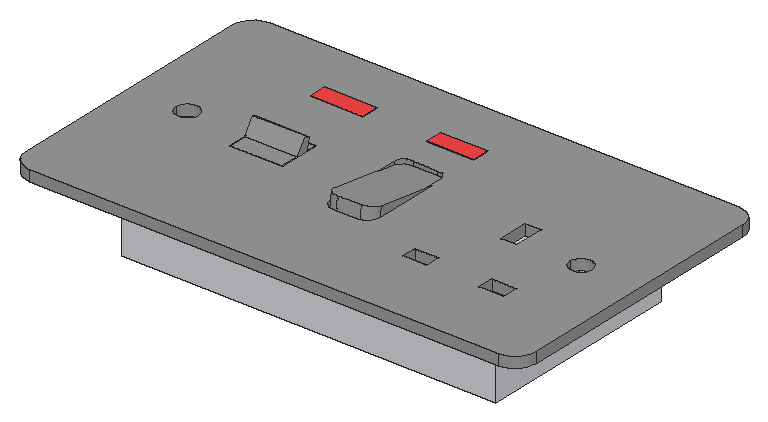
Revit family "ElectricalFixture_WiringAccessories_Hager_Sollysta_DecorativeFlat45ACookerControlUnit", category Electrical Fixtures, host Face, Revit 2015
Parameters (values of type "WFCC50NPSW")
  Warranty ID = ""
  Voltage (Volts) = "230V/240V"
  Unique Reference = "WFCC50NPSW"
  Type = "ElectricalFixture"
  Technical Description = Description  # "45ACookerControlUnitPolishedSteelWhiteInsert"
  Switch = yes
  Supply Phase = "1"
  Size = ""
  Shipping Weight kg = "0.188"
  Shape = "Rectangular"
  Reference Standard = "BS 1363-2"
  Product URL = "http://www.hager.co.uk/product-catalogue/wiring-accessories/sollysta/white-moulded/white-moulded-sockets/58428.htm"
  Product Range = "Sollysta"
  Product Model Number = Unique Reference  # "WFCC50NPSW"
  Product Literature = "http://www.hager.co.uk/product-catalogue/wiring-accessories/sollysta/38662.htm"
  Product Group = "WiringAccessories"
  Product Family = "Decorative45ACookerControlUnit_FlatPlate45ACookerControlUnit"
  Packaging Recyclable = yes
  Overall Width = Overall Length  # 146.0 mm
  Overall Length = 146.0 mm
  Overall Height = 86.0 mm
  Overall Depth = 26.07 mm
  Operation and Maintenance Manual = ""
  Name = "Decorative45ACookerControlUnit_WFCC50NPSW"
  Measurement Units = "mm"
  Material = Hager_PolishedSteel
  Manufacturer Website = "http://www.hager.co.uk/"
  Manufacturer Country = "United Kingdom"
  Manufacturer = "Hager"
  LED Indicator Switch = yes
  Gross Weight kg = "0.165"
  Frequency = "50/60Hz"
  Finish = "Polished"
  Features = Description  # "45ACookerControlUnitPolishedSteelWhiteInsert"
  Extrusion From Wall = 3.0 mm  # constant formula
  Expected Life = "25 years"
  EAN Code = "5015654741662"
  Distance From Edge = 63.59 mm
  Distance From Centre = 22.393 mm
  Design Country = "China"
  Description = "45ACookerControlUnitPolishedSteelWhiteInsert"
  Default Elevation = 1219.2 mm
  Colour = "PolishedSteel"
  CE Approval = yes
Reference planes
  plane 1 "Center (Front/Back)": y = 0
  plane 2: z = 0
  plane 3 "Center (Left/Right)": x = 0
  plane 4: y = -43
  plane 5: y = 43
  plane 6: x = -73
  plane 7: x = 73
  plane 8: z = 3
  plane 9: z = -16.6
  plane 10: z = 4
  plane 11: y = -471.393
  plane 12: z = -20.53
  plane 13: x = 39.371
  plane 14: x = 44.593
  plane 15: x = 51.626
  plane 16: x = 29.429
  plane 17: x = 22.393
  plane 18: x = 34.693
  plane 19: z = 6.066
Forms (mm)
  Extrusion 1, solid, material "Urea Formaldehyde Thermoset Plastic", detail levels fine
    sketch origin (0, 0, 0) x (1, 0, 0) y (0, 1, 0)
      loop
        arc (67.146, -43) -> (71.285, -41.285) -> (73, -37.146) r 5.854
        line (73, -37.146) -> (73, 37.146)
        arc (73, 37.146) -> (71.285, 41.285) -> (67.146, 43) r 5.854
        line (67.146, 43) -> (-67.146, 43)
        arc (-67.146, 43) -> (-71.285, 41.285) -> (-73, 37.146) r 5.854
        line (-73, 37.146) -> (-73, -37.146)
        arc (-73, -37.146) -> (-71.285, -41.285) -> (-67.146, -43) r 5.854
        line (-67.146, -43) -> (67.146, -43)
      loop
        spline (-6.046, -11.746) -> (-6.02, -12.137) -> (-5.943, -12.522) -> (-5.817, -12.894) -> (-5.644, -13.246) -> (-5.426, -13.572) -> (-5.167, -13.867) -> (-4.872, -14.125) -> (-4.546, -14.343) -> (-4.194, -14.517) -> (-3.822, -14.643) -> (-3.438, -14.72) -> (-3.046, -14.745)
        line (-3.046, -14.745) -> (4.355, -14.745)
        spline (4.355, -14.745) -> (4.747, -14.72) -> (5.131, -14.643) -> (5.503, -14.517) -> (5.855, -14.343) -> (6.181, -14.125) -> (6.476, -13.867) -> (6.735, -13.572) -> (6.953, -13.246) -> (7.126, -12.894) -> (7.252, -12.522) -> (7.329, -12.137) -> (7.368, -11.746)
        line (7.368, -11.746) -> (7.355, 10.866)
        spline (7.355, 10.866) -> (7.329, 11.258) -> (7.252, 11.643) -> (7.126, 12.014) -> (6.953, 12.366) -> (6.735, 12.692) -> (6.476, 12.987) -> (6.181, 13.246) -> (5.855, 13.464) -> (5.503, 13.638) -> (5.131, 13.764) -> (4.747, 13.84) -> (4.355, 13.902)
        line (4.355, 13.902) -> (-3.046, 13.866)
        spline (-3.046, 13.866) -> (-3.438, 13.84) -> (-3.822, 13.764) -> (-4.194, 13.638) -> (-4.546, 13.464) -> (-4.872, 13.246) -> (-5.167, 12.987) -> (-5.426, 12.692) -> (-5.644, 12.366) -> (-5.817, 12.014) -> (-5.943, 11.643) -> (-6.02, 11.258) -> (-6.046, 10.866)
        line (-6.046, 10.866) -> (-6.046, -11.746)
      loop
        line (34.693, 7.05) -> (34.693, -1.65) -> (39.371, -1.65) -> (39.371, 7.05) -> (34.693, 7.05)
      loop
        line (22.393, -17.2) -> (22.393, -21.468) -> (29.429, -21.468) -> (29.429, -17.2) -> (22.393, -17.2)
      loop
        line (44.593, -17.2) -> (44.593, -21.8) -> (51.626, -21.8) -> (51.626, -17.2) -> (44.593, -17.2)
      loop
        circle (-56.448, 0) r 3.228
      loop
        circle (56.448, 0) r 3.228
      loop
        line (-39.24, -6.262) -> (-24.24, -6.262) -> (-24.24, 5.738) -> (-39.24, 5.738) -> (-39.24, -6.262)
    from 0 to 3
  Extrusion 2, solid, material "Urea Formaldehyde Thermoset Plastic", detail levels medium
    sketch origin (0, 0, 0) x (1, 0, 0) y (0, 1, 0)
      loop
        line (-73, 43) -> (-73, -43) -> (73, -43) -> (73, 43) -> (-73, 43)
    from 0 to 3
  Extrusion 3, solid, material "Urea Formaldehyde Thermoset Plastic", detail levels fine
    sketch origin (0, -39.776, -17.164) x (0, 0.891007, -0.45399) y (0, 0.45399, 0.891007)
      loop
        line (24.9, 31.766) -> (29.827, 31.766) -> (27.476, 40.541) -> (26.29, 40.541) -> (24.9, 31.766)
    from -39.24 to -24.24
  Extrusion 4, solid, material "Urea Formaldehyde Thermoset Plastic", detail levels fine
    sketch origin (0, 0, 0) x (1, 0, 0) y (0, 1, 0)
      loop
        line (-39.24, -6.262) -> (-24.24, -6.262) -> (-24.24, 5.738) -> (-39.24, 5.738) -> (-39.24, -6.262)
    from 0 to 3
  Extrusion 5, solid, material "Urea Formaldehyde Thermoset Plastic", visible <- "Switch", detail levels fine
    sketch origin (-31.398, -20.015, -2.403) x (-1, 0, 0) y (0, -0.987688, 0.156434)
      loop
        line (-38.766, -8.53) -> (-38.766, -29.653)
        arc (-38.766, -29.653) -> (-37.819, -31.94) -> (-35.531, -32.888) r 3.235
        line (-35.531, -32.888) -> (-29.757, -32.888) -> (-28.661, -32.888)
        arc (-28.661, -32.888) -> (-26.321, -31.919) -> (-25.352, -29.58) r 3.308
        line (-25.352, -29.58) -> (-25.352, -8.616)
        arc (-25.352, -8.616) -> (-26.313, -6.296) -> (-28.634, -5.335) r 3.281
        line (-28.634, -5.335) -> (-35.572, -5.335)
        arc (-35.572, -5.335) -> (-37.831, -6.271) -> (-38.766, -8.53) r 3.194
    from 0 to 9.42
  Extrusion 6, solid, material "LED Indicator", visible <- "LED Indicator Switch", detail levels fine
    sketch origin (0, 0, 0) x (1, 0, 0) y (0, 1, 0)
      loop
        line (-39.306, 22.712) -> (-24.306, 22.712) -> (-24.306, 27.712) -> (-39.306, 27.712) -> (-39.306, 22.712)
      loop
        line (-6.084, 22.712) -> (7.405, 22.712) -> (7.405, 27.712) -> (-6.084, 27.712) -> (-6.084, 22.712)
    from 0 to 3
  Extrusion 7, solid
    sketch origin (0, 0, 0) x (1, 0, 0) y (0, 1, 0)
      loop
        line (-52.974, -28) -> (54.371, -28) -> (54.371, 30.952) -> (-52.974, 30.952) -> (-52.974, -28)
    from -20.53 to 0
Lines and regions (mm)
  symbolic lines, style "ElectricalFixtures", not visible, detail levels coarse
    curve 1: line (73.42, -504.912, 19.451) -> (3.42, -504.912, 19.451)
    curve 2: arc (73.42, -504.912, 19.451) -> (38.42, -504.912, 54.451) -> (3.42, -504.912, 19.451) r 35
    curve 3: circle (38.42, -504.912, 54.451) r 6 normal (0, 1, 0)
    curve 4: line (38.42, -504.912, 54.451) -> (38.42, -504.912, 99.451)
    curve 5: line (38.42, -504.912, 99.451) -> (68.42, -504.912, 99.451)
    curve 6: line (38.42, -504.912, 54.451) -> (10.78, -504.912, 87.391)
    curve 7: line (10.78, -504.912, 87.391) -> (-3.315, -504.912, 75.564)
    curve 8: line (0.509, -504.912, 19.451) -> (-69.491, -504.912, 19.451)
    curve 9: arc (0.509, -504.912, 19.451) -> (-34.491, -504.912, 54.451) -> (-69.491, -504.912, 19.451) r 35
    curve 10: circle (-34.491, -504.912, 54.451) r 6 normal (0, 1, 0)
    curve 11: line (-34.491, -504.912, 54.451) -> (-34.491, -504.912, 99.451)
    curve 12: line (-34.491, -504.912, 99.451) -> (-4.491, -504.912, 99.451)
    curve 13: line (-34.491, -504.912, 54.451) -> (-62.13, -504.912, 87.391)
    curve 14: line (-62.13, -504.912, 87.391) -> (-76.226, -504.912, 75.564)
  model lines
    curve 15: line (-73, 37.146, 0) -> (-73, -37.146, 0)
    curve 16: line (-67.146, -43, 0) -> (67.146, -43, 0)
    curve 17: arc (-73, -37.146, 0) -> (-71.285, -41.285, 0) -> (-67.146, -43, 0) r 5.854
    curve 18: arc (-67.146, 43, 0) -> (-71.285, 41.285, 0) -> (-73, 37.146, 0) r 5.854
    curve 19: line (67.146, 43, 0) -> (-67.146, 43, 0)
    curve 20: arc (73, 37.146, 0) -> (71.285, 41.285, 0) -> (67.146, 43, 0) r 5.854
    curve 21: line (73, -37.146, 0) -> (73, 37.146, 0)
    curve 22: arc (67.146, -43, 0) -> (71.285, -41.285, 0) -> (73, -37.146, 0) r 5.854
    curve 23: line (51.626, -21.8, 0) -> (44.593, -21.8, 0)
    curve 24: line (44.593, -21.8, 0) -> (44.593, -17.2, 0)
    curve 25: line (44.593, -17.2, 0) -> (51.626, -17.2, 0)
    curve 26: line (51.626, -17.2, 0) -> (51.626, -21.8, 0)
    curve 27: line (29.429, -21.468, 0) -> (22.393, -21.468, 0)
    curve 28: line (22.393, -21.468, 0) -> (22.393, -17.2, 0)
    curve 29: line (22.393, -17.2, 0) -> (29.429, -17.2, 0)
    curve 30: line (29.429, -17.2, 0) -> (29.429, -21.468, 0)
    curve 31: line (34.693, -1.65, 0) -> (34.693, 7.05, 0)
    curve 32: line (34.693, 7.05, 0) -> (39.371, 7.05, 0)
    curve 33: line (39.371, 7.05, 0) -> (39.371, -1.65, 0)
    curve 34: line (39.371, -1.65, 0) -> (34.693, -1.65, 0)
    curve 35: arc (53.22, 0, 0) -> (56.448, -3.228, 0) -> (59.677, 0, 0) r 3.228
    curve 36: arc (59.677, 0, 0) -> (56.448, 3.228, 0) -> (53.22, 0, 0) r 3.228
    curve 37: arc (-59.677, 0, 0) -> (-56.448, -3.228, 0) -> (-53.22, 0, 0) r 3.228
    curve 38: arc (-53.22, 0, 0) -> (-56.448, 3.228, 0) -> (-59.677, 0, 0) r 3.228
    curve 39: line (-39.24, -6.262, 0) -> (-24.24, -6.262, 0)
    curve 40: line (-24.24, -6.262, 0) -> (-24.24, 5.738, 0)
    curve 41: line (-24.24, 5.738, 0) -> (-39.24, 5.738, 0)
    curve 42: line (-39.24, 5.738, 0) -> (-39.24, -6.262, 0)
    curve 43: line (-39.24, -3.169, 0) -> (-24.24, -3.169, 0)
    curve 44: line (-24.24, 1.221, 0) -> (-39.24, 1.221, 0)
    curve 53: line (-3.044, 13.879, 0) -> (4.355, 13.879, 0)
    curve 54: spline (4.355, 13.879, 0) -> (4.747, 13.853, 0) -> (5.133, 13.776, 0) -> (5.506, 13.649, 0) -> (5.858, 13.475, 0) -> (6.185, 13.256, 0) -> (6.481, 12.997, 0) -> (6.74, 12.701, 0) -> (6.959, 12.373, 0) -> (7.133, 12.02, 0) -> (7.259, 11.648, 0) -> (7.336, 11.262, 0) -> (7.361, 10.869, 0)
    curve 55: line (7.361, 10.869, 0) -> (7.361, -11.745, 0)
    curve 56: spline (7.361, -11.745, 0) -> (7.335, -12.137, 0) -> (7.258, -12.522, 0) -> (7.132, -12.894, 0) -> (6.958, -13.246, 0) -> (6.74, -13.573, 0) -> (6.481, -13.868, 0) -> (6.185, -14.127, 0) -> (5.859, -14.345, 0) -> (5.506, -14.519, 0) -> (5.134, -14.645, 0) -> (4.749, -14.721, 0) -> (4.357, -14.747, 0)
    curve 57: line (4.357, -14.747, 0) -> (-3.046, -14.747, 0)
    curve 58: spline (-3.046, -14.747, 0) -> (-3.438, -14.721, 0) -> (-3.823, -14.644, 0) -> (-4.195, -14.518, 0) -> (-4.547, -14.345, 0) -> (-4.873, -14.127, 0) -> (-5.169, -13.868, 0) -> (-5.427, -13.573, 0) -> (-5.646, -13.246, 0) -> (-5.819, -12.894, 0) -> (-5.945, -12.523, 0) -> (-6.022, -12.138, 0) -> (-6.048, -11.746, 0)
    curve 59: line (-6.048, -11.746, 0) -> (-6.048, -8.704, 0)
    curve 60: spline (-6.046, 10.758, 0) -> (-6.034, 11.161, 0) -> (-5.969, 11.558, 0) -> (-5.851, 11.943, 0) -> (-5.683, 12.308, 0) -> (-5.467, 12.648, 0) -> (-5.208, 12.957, 0) -> (-4.91, 13.227, 0) -> (-4.579, 13.456, 0) -> (-4.22, 13.638, 0) -> (-3.84, 13.771, 0) -> (-3.446, 13.852, 0) -> (-3.044, 13.879, 0)
    curve 61: line (-3.046, 13.902, 0) -> (4.355, 13.902, 0)
    curve 62: spline (4.355, 13.866, 0) -> (4.747, 13.84, 0) -> (5.131, 13.764, 0) -> (5.503, 13.638, 0) -> (5.855, 13.464, 0) -> (6.181, 13.246, 0) -> (6.476, 12.987, 0) -> (6.735, 12.692, 0) -> (6.953, 12.366, 0) -> (7.126, 12.014, 0) -> (7.252, 11.643, 0) -> (7.329, 11.258, 0) -> (7.355, 10.866, 0)
    curve 63: line (7.368, -11.59, 0) -> (7.368, 10.747, 0)
    curve 64: spline (7.355, -11.746, 0) -> (7.329, -12.137, 0) -> (7.252, -12.522, 0) -> (7.126, -12.894, 0) -> (6.953, -13.246, 0) -> (6.735, -13.572, 0) -> (6.476, -13.867, 0) -> (6.181, -14.125, 0) -> (5.855, -14.343, 0) -> (5.503, -14.517, 0) -> (5.131, -14.643, 0) -> (4.747, -14.72, 0) -> (4.355, -14.745, 0)
    curve 65: line (4.355, -14.745, 0) -> (-3.046, -14.745, 0)
    curve 66: spline (-3.046, -14.745, 0) -> (-3.438, -14.72, 0) -> (-3.822, -14.643, 0) -> (-4.194, -14.517, 0) -> (-4.546, -14.343, 0) -> (-4.872, -14.125, 0) -> (-5.167, -13.867, 0) -> (-5.426, -13.572, 0) -> (-5.644, -13.246, 0) -> (-5.817, -12.894, 0) -> (-5.943, -12.522, 0) -> (-6.02, -12.137, 0) -> (-6.046, -11.746, 0)
    curve 67: line (-6.046, 10.758, 0) -> (-6.046, -8.704, 0)
  model lines, visible <- "LED Indicator Switch"
    curve 45: line (-39.306, 22.712, 0) -> (-24.306, 22.712, 0)
    curve 46: line (-24.306, 22.712, 0) -> (-24.306, 27.712, 0)
    curve 47: line (-24.306, 27.712, 0) -> (-39.306, 27.712, 0)
    curve 48: line (-39.306, 27.712, 0) -> (-39.306, 22.712, 0)
    curve 49: line (-6.084, 22.712, 0) -> (7.405, 22.712, 0)
    curve 50: line (7.405, 22.712, 0) -> (7.405, 27.712, 0)
    curve 51: line (7.405, 27.712, 0) -> (-6.084, 27.712, 0)
    curve 52: line (-6.084, 27.712, 0) -> (-6.084, 22.712, 0)
Dimensions and locks
  "Overall Length": plane 6 to plane 7
  "Overall Height": plane 4 to plane 5
  plane 17 to plane 16 to plane 18 to plane 13 to plane 14 to plane 15 = 7.036 mm locked, 5.264 mm locked, 4.678 mm locked, 5.222 mm locked, 7.033 mm locked
  "Distance From Centre": plane 3 "Center (Left/Right)" to plane 17
  locked: Extrusion 1 sketch curve to Extrusion 1 sketch curve at 16.552  (x2)
  locked: plane 10 to plane 8 at 1
  locked: plane 19 to plane 10 at 2.066
  "Extrusion From Wall": plane 8 to plane 2
  aligned and locked: plane 2 to host face
  aligned and locked: level to host face
  aligned and locked: Extrusion 1 sketch curve to plane 4
  aligned and locked: Extrusion 1 sketch curve to plane 7
  aligned and locked: Extrusion 1 sketch curve to plane 5
  aligned and locked: Extrusion 1 sketch curve to plane 6
  aligned and locked: Extrusion 1 sketch curve to plane 18
  aligned and locked: Extrusion 1 sketch curve to plane 13
  aligned and locked: Extrusion 1 sketch curve to plane 17
  aligned and locked: Extrusion 1 sketch curve to plane 16
  aligned and locked: Extrusion 1 sketch curve to plane 14
  aligned and locked: Extrusion 1 sketch curve to plane 15
  aligned and locked: Extrusion 1 to plane 8
  aligned and locked: Extrusion 2 sketch curve to plane 6
  aligned and locked: Extrusion 2 sketch curve to plane 4
  aligned and locked: Extrusion 2 sketch curve to plane 7
  aligned and locked: Extrusion 2 sketch curve to plane 5
  aligned and locked: Extrusion 2 to plane 8
  aligned and locked: Extrusion 2 to level
  aligned and locked: curve 39 to Extrusion 4
  aligned and locked: curve 40 to Extrusion 4
  aligned and locked: curve 41 to Extrusion 4
  aligned and locked: curve 42 to Extrusion 4
  aligned and locked: curve 43 to Extrusion 3
  aligned and locked: curve 44 to Extrusion 3
  aligned and locked: curve 45 to Extrusion 6
  aligned and locked: curve 46 to Extrusion 6
  aligned and locked: curve 47 to Extrusion 6
  aligned and locked: curve 48 to Extrusion 6
  aligned and locked: curve 49 to Extrusion 6
  aligned and locked: curve 50 to Extrusion 6
  aligned and locked: curve 51 to Extrusion 6
  aligned and locked: curve 52 to Extrusion 6
  aligned and locked: curve 63 to Extrusion 5
  aligned and locked: curve 67 to Extrusion 5
  aligned and locked: plane 12 to Extrusion 7
  aligned and locked: level to Extrusion 7
  aligned and locked: plane 19 to Extrusion 5
  aligned and locked: Extrusion 6 to plane 8
  aligned and locked: plane 8 to Extrusion 4
  aligned and locked: Extrusion 4 to plane 2
Automatic sketch dimensions
  host sketch curve to host sketch curve = 2438.4 mm  (x2)
  Extrusion 3 sketch curve to plane 1 "Center (Front/Back)" = 2.053 mm
  Extrusion 3 sketch curve to plane 10 = 3.023 mm
  Extrusion 3 sketch curve to Extrusion 3 sketch curve = 1.186 mm
  Extrusion 3 sketch curve to Extrusion 3 sketch curve = 1.39 mm
  Extrusion 3 sketch curve to Extrusion 3 sketch curve = 4.928 mm
  Extrusion 3 sketch curve to Extrusion 3 sketch curve = 8.775 mm
  plane 3 "Center (Left/Right)" to Extrusion 5 sketch curve = 7.368 mm
  plane 3 "Center (Left/Right)" to Extrusion 5 sketch curve = 4.174 mm
  plane 3 "Center (Left/Right)" to Extrusion 5 sketch curve = 4.133 mm
  Extrusion 5 sketch curve to plane 3 "Center (Left/Right)" = 1.641 mm
  Extrusion 5 sketch curve to Extrusion 5 sketch curve = 1.097 mm
  Extrusion 5 sketch curve to plane 3 "Center (Left/Right)" = 2.764 mm
  Extrusion 5 sketch curve to Extrusion 5 sketch curve = 3.308 mm
  Extrusion 5 sketch curve to Extrusion 5 sketch curve = 20.963 mm
  plane 1 "Center (Front/Back)" to Extrusion 1 sketch curve = 0.0 mm  (x2)
  plane 6 to Extrusion 1 sketch curve = 5.854 mm  (x2)
  Extrusion 1 sketch curve to plane 1 "Center (Front/Back)" = 5.738 mm
  Extrusion 1 sketch curve to Extrusion 1 sketch curve = 17.209 mm
  plane 1 "Center (Front/Back)" to Extrusion 1 sketch curve = 6.262 mm
  Extrusion 1 sketch curve to Extrusion 1 sketch curve = 15.0 mm
  Extrusion 1 sketch curve to plane 3 "Center (Left/Right)" = 6.046 mm
  Extrusion 1 sketch curve to plane 3 "Center (Left/Right)" = 3.046 mm  (x2)
  plane 3 "Center (Left/Right)" to Extrusion 1 sketch curve = 4.355 mm
  Extrusion 1 sketch curve to Extrusion 1 sketch curve = 5.854 mm
  Extrusion 1 sketch curve to plane 7 = 5.854 mm
  Extrusion 1 sketch curve to plane 4 = 21.2 mm
  Extrusion 1 sketch curve to Extrusion 1 sketch curve = 0.332 mm
  Extrusion 1 sketch curve to Extrusion 1 sketch curve = 4.268 mm
  Extrusion 1 sketch curve to Extrusion 1 sketch curve = 4.6 mm
  plane 1 "Center (Front/Back)" to Extrusion 1 sketch curve = 14.745 mm
  Extrusion 1 sketch curve to Extrusion 1 sketch curve = 3.0 mm  (x2)
  plane 1 "Center (Front/Back)" to Extrusion 1 sketch curve = 1.65 mm
  Extrusion 1 sketch curve to plane 1 "Center (Front/Back)" = 7.05 mm
  Extrusion 1 sketch curve to plane 1 "Center (Front/Back)" = 10.866 mm
  Extrusion 1 sketch curve to Extrusion 1 sketch curve = 0.0 mm  (x4)
  Extrusion 1 sketch curve to Extrusion 1 sketch curve = 0.001 mm  (x3)
  Extrusion 1 sketch curve to plane 3 "Center (Left/Right)" = 0.923 mm  (x2)
  plane 3 "Center (Left/Right)" to Extrusion 1 sketch curve = 4.354 mm
  Extrusion 1 sketch curve to Extrusion 1 sketch curve = 2.121 mm  (x4)
  Extrusion 1 sketch curve to Extrusion 1 sketch curve = 0.878 mm  (x2)
  Extrusion 1 sketch curve to Extrusion 1 sketch curve = 0.014 mm
  Extrusion 1 sketch curve to Extrusion 1 sketch curve = 2.123 mm
  Extrusion 1 sketch curve to Extrusion 1 sketch curve = 2.122 mm
  Extrusion 1 sketch curve to Extrusion 1 sketch curve = 0.036 mm
  plane 6 to Extrusion 6 sketch curve = 33.694 mm
  Extrusion 6 sketch curve to Extrusion 6 sketch curve = 15.0 mm
  Extrusion 6 sketch curve to plane 3 "Center (Left/Right)" = 6.084 mm
  plane 3 "Center (Left/Right)" to Extrusion 6 sketch curve = 7.405 mm
  plane 5 to Extrusion 6 sketch curve = 20.288 mm  (x2)
  Extrusion 6 sketch curve to Extrusion 6 sketch curve = 5.0 mm  (x2)
  curve 57 to plane 3 "Center (Left/Right)" = 3.046 mm
  curve 53 to plane 3 "Center (Left/Right)" = 3.044 mm
  plane 3 "Center (Left/Right)" to curve 57 = 4.357 mm
  plane 3 "Center (Left/Right)" to curve 53 = 4.355 mm
  curve 57 to curve 55 = 3.004 mm
  curve 57 to curve 59 = 3.001 mm
  curve 57 to curve 55 = 3.002 mm
  plane 1 "Center (Front/Back)" to curve 59 = 8.704 mm
  curve 55 to plane 1 "Center (Front/Back)" = 10.869 mm
  curve 60 to curve 53 = 3.121 mm
  curve 58 to curve 58 = 3.001 mm
  curve 60 to curve 60 = 0.001 mm
  curve 60 to plane 3 "Center (Left/Right)" = 0.919 mm
  curve 58 to plane 3 "Center (Left/Right)" = 0.924 mm
  curve 56 to curve 56 = 3.003 mm
  curve 54 to curve 54 = 0.0 mm
  curve 54 to curve 54 = 2.125 mm
  curve 57 to curve 56 = 2.125 mm
  curve 61 to curve 60 = 0.002 mm
  curve 54 to curve 61 = 0.0 mm
  curve 62 to curve 54 = 0.001 mm
  curve 54 to curve 62 = 0.0 mm
  curve 62 to curve 54 = 0.004 mm
  curve 62 to curve 54 = 0.007 mm  (x2)
  curve 56 to curve 63 = 0.155 mm
  curve 63 to curve 54 = 0.122 mm
  curve 62 to curve 54 = 0.003 mm
  curve 65 to curve 57 = 0.002 mm
  curve 57 to curve 65 = 0.001 mm
  curve 57 to curve 65 = 0.0 mm
  curve 64 to curve 56 = 0.004 mm
  curve 64 to curve 56 = 0.006 mm
  curve 64 to curve 56 = 0.007 mm
  curve 64 to curve 56 = 0.001 mm
  curve 58 to curve 66 = 0.002 mm
  curve 58 to curve 66 = 0.001 mm  (x2)
  curve 58 to curve 66 = 0.0 mm
  curve 59 to curve 67 = 0.002 mm
  curve 59 to curve 67 = 0.0 mm
  curve 53 to curve 61 = 0.023 mm
  plane 6 to Extrusion 7 sketch curve = 20.026 mm
  plane 15 to Extrusion 7 sketch curve = 2.745 mm
  Extrusion 7 sketch curve to plane 4 = 15.0 mm
  plane 5 to Extrusion 7 sketch curve = 12.048 mm
  curve 15 to plane 6 = 0.0 mm
  curve 29 to plane 17 = 0.0 mm
  curve 29 to plane 16 = 0.0 mm
  curve 31 to plane 18 = 0.0 mm
  curve 32 to plane 13 = 0.0 mm
  curve 24 to plane 14 = 0.0 mm
  curve 26 to plane 15 = 0.0 mm
  plane 5 to curve 19 = 0.0 mm
  plane 4 to curve 22 = 0.0 mm
  curve 21 to plane 7 = 0.0 mm
  curve 23 to plane 4 = 21.2 mm
  curve 23 to curve 27 = 0.332 mm
  curve 27 to curve 29 = 4.268 mm
  curve 23 to curve 26 = 4.6 mm
  curve 57 to curve 67 = 6.043 mm
  plane 1 "Center (Front/Back)" to curve 34 = 1.65 mm
  curve 32 to plane 1 "Center (Front/Back)" = 7.05 mm
  curve 67 to plane 1 "Center (Front/Back)" = 10.758 mm
  Extrusion 4 sketch curve to plane 1 "Center (Front/Back)" = 5.738 mm
  plane 6 to Extrusion 4 sketch curve = 33.76 mm
  Extrusion 4 sketch curve to Extrusion 4 sketch curve = 15.0 mm
  plane 1 "Center (Front/Back)" to Extrusion 4 sketch curve = 6.262 mm
  radius of Extrusion 1 sketch curve = 3.228 mm  (x2)
Nested families
  nested 1: "LED Switch" at (115.776, 36.364, 0), type "LED Switch"
  nested 2: "LED Switch" at (-1946.613, 203, 0), type "LED Switch"
Connectors
  electrical at (0, 0, 0)
    settings: on Extrusion 1, index 1, voltage 230 V, apparent load 0 VA, apparent load phase1 0 VA, apparent load phase2 0 VA, apparent load phase3 0 VA, power factor 1, load classification "Other", number of poles 1, system type 31, power factor state 1, is connector primary yes, connector utility no, sub classification motor no, connector description ""
Definition of nested family "LED Switch"
  Parameters (values of type "LED Switch")
    LED Indicator Switch = no
  Reference planes
    plane 1 "Center (Front/Back)": y = 0
    plane 2: z = 0
    plane 3 "Center (Left/Right)": x = 0
  Forms (mm)
    Extrusion 1, solid, visible <- "LED Indicator Switch", detail levels fine
      sketch origin (-4.952, -17.415, 4.745) x (-1, 0, 0) y (0, -0.987688, 0.156434)
        loop
          line (-2.778, -29.269) -> (-7.654, -29.269) -> (-7.654, -32.25) -> (-2.778, -32.25) -> (-2.778, -29.269)
      from 0 to 8.633
    Extrusion 2, solid, visible <- "LED Indicator Switch", detail levels fine
      sketch origin (-74.952, -18.168, 4.067) x (-1, 0, 0) y (0, -0.987688, 0.156434)
        loop
          line (-82.054, -8.53) -> (-82.054, -29.653)
          arc (-82.054, -29.653) -> (-81.106, -31.94) -> (-78.819, -32.888) r 3.235
          line (-78.819, -32.888) -> (-77.654, -32.888) -> (-77.654, -29.907) -> (-75.259, -29.907) -> (-72.778, -29.907) -> (-72.778, -32.888) -> (-71.698, -32.888)
          arc (-71.698, -32.888) -> (-69.359, -31.919) -> (-68.39, -29.58) r 3.308
          line (-68.39, -29.58) -> (-68.39, -8.616)
          arc (-68.39, -8.616) -> (-69.351, -6.296) -> (-71.671, -5.335) r 3.281
          line (-71.671, -5.335) -> (-78.859, -5.335)
          arc (-78.859, -5.335) -> (-81.118, -6.271) -> (-82.054, -8.53) r 3.194
      from 0 to 9.42
  Dimensions and locks
    aligned and locked: level to plane 2
